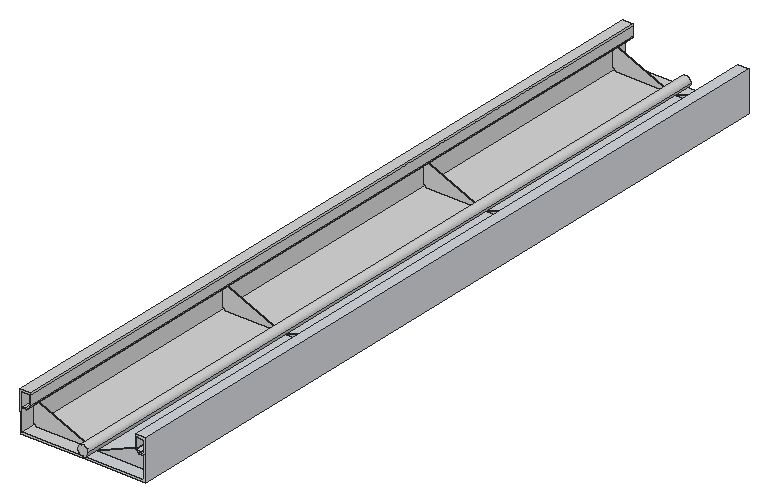
Revit family "ML_ML HINGED INSIDE CORNER 6'_1920146", category Generic Models, Revit 2018
Family settings
  Can host rebar = No
  Round Connector Dimension = Use Diameter
  Part Type = Normal
  OmniClass Number = 35.51.14.00
  OmniClass Title = FORMWORK
  Work Plane-Based = Yes
  Always vertical = No
  Cut with Voids When Loaded = No
  Shared = Yes
  Room Calculation Point = No
Parameters
  VERSION = "20190101"  # constant formula
  URL = "www.ulmaconstruction.com/en"
  UNICLASS = ""
  REAL ANGLE [instance] = if(ANGLE > 66.00°, ANGLE, 66.00°)  # 180.00°
  ITEM_CODE = "1920146"
  Manufacturer = "ULMA CONSTRUCTION"  # constant formula
  INSERTION PLANE [instance] = if(REAL ANGLE = 180.00°, 0.000 mm, (16.500 mm * sin(90.00° - REAL ANGLE) + 16.500 mm) * tan(90.00° - REAL ANGLE) + 16.500 mm * cos(90.00° - REAL ANGLE))  # 0.000 mm
  FILTER [instance] = ""
  Default Elevation = 0.000 mm
  CLASSIFICATION_TITLE = ""
  CLASSIFICATION_NUMBER = ""
  ANGLE [instance] = 180.00°
Reference planes
  plane 1 "Centro (Frontal/Posterior)": y = 0
  plane 2: z = 0
  plane 3 "Centro (Izquierda/Derecha)": x = 0
  plane 4 "ITEM_HEIGHT": y = 1828.8
  plane 5 "CENTER": z = 16.5
  plane 6 "INSERTION PLANE": x = 0
Forms (mm)
  Extrusion 1, solid, material "ULMA ZINC", detail levels fine
    sketch origin (0, 0, 0) x (1, 0, 0) y (0, 0, 1)
      loop
        circle (0, 16.5) r 12.5
    from -1828.8 to 0
  Extrusion 2, solid, material "ULMA ZINC", detail levels fine
    sketch origin (0, 0, 0) x (1, 0, 0) y (0, 0, 1)
      loop
        line (0, 4) -> (-148.4, 4) -> (-148.4, 92.5) -> (-127.4, 92.5) -> (-127.4, 96.5) -> (-152.4, 96.5) -> (-152.4, 0) -> (0, 0) -> (0, 4)
    from -1828.8 to 0
  Extrusion 3, solid, material "ULMA ZINC", detail levels fine
    sketch origin (0, 0, 0) x (1, 0, 0) y (0, 0, 1)
      loop
        arc (-129.9, 68.571) -> (-130.09, 67.614) -> (-130.632, 66.803) r 2.5
        line (-130.632, 66.803) -> (-136.703, 60.732)
        arc (-136.703, 60.732) -> (-137.514, 60.19) -> (-138.471, 60) r 2.5
        line (-138.471, 60) -> (-148.4, 60) -> (-148.4, 57.5) -> (-138.471, 57.5)
        arc (-138.471, 57.5) -> (-136.558, 57.881) -> (-134.936, 58.964) r 5
        line (-134.936, 58.964) -> (-128.864, 65.036)
        arc (-128.864, 65.036) -> (-127.781, 66.658) -> (-127.4, 68.571) r 5
        line (-127.4, 68.571) -> (-127.4, 92.5) -> (-129.9, 92.5) -> (-129.9, 68.571)
    from -1828.8 to 0
  Extrusion 4, solid, material "ULMA ZINC", detail levels fine
    sketch origin (0, 0, 0) x (1, 0, 0) y (0, 0, 1)
      loop
        line (-148.4, 14) -> (-138.4, 4) -> (-8.4, 4) -> (-134.9, 57.5) -> (-148.4, 57.5) -> (-148.4, 14)
    from -33 to -37
  Extrusion 5, solid, material "ULMA ZINC", detail levels fine
    sketch origin (0, 0, 0) x (1, 0, 0) y (0, 0, 1)
      loop
        line (-148.4, 14) -> (-138.4, 4) -> (-8.4, 4) -> (-134.9, 57.5) -> (-148.4, 57.5) -> (-148.4, 14)
    from -607.6 to -611.6
  Extrusion 6, solid, material "ULMA ZINC", detail levels fine
    sketch origin (0, 0, 0) x (1, 0, 0) y (0, 0, 1)
      loop
        line (-148.4, 14) -> (-138.4, 4) -> (-8.4, 4) -> (-134.9, 57.5) -> (-148.4, 57.5) -> (-148.4, 14)
    from -1217.2 to -1221.2
  Extrusion 7, solid, material "ULMA ZINC", detail levels fine
    sketch origin (0, 0, 0) x (1, 0, 0) y (0, 0, 1)
      loop
        line (-148.4, 14) -> (-138.4, 4) -> (-8.4, 4) -> (-134.9, 57.5) -> (-148.4, 57.5) -> (-148.4, 14)
    from -1791.8 to -1795.8
Lines and regions (mm)
  model lines, style "ULMA PANELS", detail levels medium
    curve 1: line (0, 1828.8, 0) -> (-152.4, 1828.8, 0)
    curve 2: line (-152.4, 1828.8, 0) -> (-152.4, 0, 0)
    curve 3: line (-152.4, 0, 0) -> (0, 0, 0)
    curve 4: line (0, 0, 0) -> (0, 1828.8, 0)
    curve 5: line (-152.4, 0, 0) -> (-152.4, 0, 96.5)
    curve 6: line (-152.4, 0, 96.5) -> (-152.4, 1828.8, 96.5)
    curve 7: line (-152.4, 1828.8, 96.5) -> (-152.4, 1828.8, 0)
  model lines, style "ULMA PANELS", detail levels fine
    curve 8: circle (-152.4, 152.4, 38.1) r 10 normal (1, 0, 0)
    curve 9: circle (-148.4, 152.4, 38.1) r 10 normal (1, 0, 0)
    curve 10: circle (-152.4, 457.2, 38.1) r 10 normal (1, 0, 0)
    curve 11: circle (-152.4, 762, 38.1) r 10 normal (1, 0, 0)
    curve 12: circle (-152.4, 1066.8, 38.1) r 10 normal (1, 0, 0)
    curve 13: circle (-148.4, 457.2, 38.1) r 10 normal (1, 0, 0)
    curve 14: circle (-148.4, 762, 38.1) r 10 normal (1, 0, 0)
    curve 15: circle (-148.4, 1066.8, 38.1) r 10 normal (1, 0, 0)
    curve 17: circle (-152.4, 1371.6, 38.1) r 10 normal (1, 0, 0)
    curve 18: circle (-152.4, 1676.4, 38.1) r 10 normal (1, 0, 0)
    curve 19: circle (-148.4, 1371.6, 38.1) r 10 normal (1, 0, 0)
    curve 20: circle (-148.4, 1676.4, 38.1) r 10 normal (1, 0, 0)
  reference lines
    curve 16: line (0, 0, 16.5) -> (311.15, 0, 16.5)
Dimensions and locks
  locked: plane 1 "Centro (Frontal/Posterior)" to plane 4 "ITEM_HEIGHT" at 1828.8
  locked: curve 8 to plane 1 "Centro (Frontal/Posterior)" at 152.4
  locked: curve 9 to plane 1 "Centro (Frontal/Posterior)" at 152.4
  "INSERTION PLANE": plane 6 "INSERTION PLANE" to plane 3 "Centro (Izquierda/Derecha)"
  "REAL ANGLE": angle curve 16 to plane 5 "CENTER"
  aligned and locked: level to plane 2
  aligned and locked: plane 4 "ITEM_HEIGHT" to Extrusion 1
  aligned and locked: plane 1 "Centro (Frontal/Posterior)" to Extrusion 1
  aligned and locked: plane 3 "Centro (Izquierda/Derecha)" to curve 16
  aligned and locked: plane 5 "CENTER" to curve 16
  aligned and locked: plane 4 "ITEM_HEIGHT" to Extrusion 2
  aligned and locked: plane 4 "ITEM_HEIGHT" to Extrusion 3
  aligned and locked: plane 4 "ITEM_HEIGHT" to nested 1
Automatic sketch dimensions
  curve 1 to plane 4 "ITEM_HEIGHT" = 0.000 mm
  plane 1 "Centro (Frontal/Posterior)" to curve 2 = 0.000 mm
  curve 3 to plane 3 "Centro (Izquierda/Derecha)" = 0.000 mm
  curve 3 to curve 3 = 152.400 mm
  Extrusion 1 sketch curve to plane 3 "Centro (Izquierda/Derecha)" = 0.000 mm
  Extrusion 1 sketch curve to plane 5 "CENTER" = 0.000 mm
  Extrusion 2 sketch curve to level = 0.000 mm
  Extrusion 2 sketch curve to plane 3 "Centro (Izquierda/Derecha)" = 0.000 mm
  plane 3 "Centro (Izquierda/Derecha)" to Extrusion 2 sketch curve = 127.400 mm
  Extrusion 2 sketch curve to level = 4.000 mm
  Extrusion 2 sketch curve to Extrusion 2 sketch curve = 21.000 mm
  Extrusion 2 sketch curve to Extrusion 2 sketch curve = 4.000 mm  (x2)
  Extrusion 2 sketch curve to Extrusion 2 sketch curve = 88.500 mm
  Extrusion 3 sketch curve to Extrusion 3 sketch curve = 0.000 mm  (x4)
  Extrusion 3 sketch curve to level = 60.000 mm
  plane 3 "Centro (Izquierda/Derecha)" to Extrusion 3 sketch curve = 148.400 mm
  Extrusion 3 sketch curve to Extrusion 3 sketch curve = 9.929 mm
  Extrusion 3 sketch curve to level = 60.732 mm
  Extrusion 3 sketch curve to Extrusion 3 sketch curve = 1.768 mm  (x4)
  Extrusion 3 sketch curve to level = 58.964 mm
  Extrusion 3 sketch curve to Extrusion 3 sketch curve = 6.071 mm
  Extrusion 3 sketch curve to level = 66.803 mm
  Extrusion 3 sketch curve to Extrusion 3 sketch curve = 2.500 mm  (x2)
  Extrusion 3 sketch curve to Extrusion 3 sketch curve = 23.929 mm
  Extrusion 4 sketch curve to level = 14.000 mm
  plane 3 "Centro (Izquierda/Derecha)" to Extrusion 4 sketch curve = 148.400 mm
  Extrusion 4 sketch curve to level = 4.000 mm
  Extrusion 4 sketch curve to Extrusion 4 sketch curve = 10.000 mm
  Extrusion 4 sketch curve to Extrusion 4 sketch curve = 13.500 mm
  plane 3 "Centro (Izquierda/Derecha)" to Extrusion 4 sketch curve = 8.400 mm
  Extrusion 4 sketch curve to Extrusion 4 sketch curve = 43.500 mm
  Extrusion 5 sketch curve to level = 14.000 mm
  plane 3 "Centro (Izquierda/Derecha)" to Extrusion 5 sketch curve = 148.400 mm
  Extrusion 5 sketch curve to level = 4.000 mm
  Extrusion 5 sketch curve to Extrusion 5 sketch curve = 10.000 mm
  Extrusion 5 sketch curve to Extrusion 5 sketch curve = 13.500 mm
  plane 3 "Centro (Izquierda/Derecha)" to Extrusion 5 sketch curve = 8.400 mm
  Extrusion 5 sketch curve to Extrusion 5 sketch curve = 43.500 mm
  Extrusion 6 sketch curve to level = 14.000 mm
  plane 3 "Centro (Izquierda/Derecha)" to Extrusion 6 sketch curve = 148.400 mm
  Extrusion 6 sketch curve to level = 4.000 mm
  Extrusion 6 sketch curve to Extrusion 6 sketch curve = 10.000 mm
  Extrusion 6 sketch curve to Extrusion 6 sketch curve = 13.500 mm
  plane 3 "Centro (Izquierda/Derecha)" to Extrusion 6 sketch curve = 8.400 mm
  Extrusion 6 sketch curve to Extrusion 6 sketch curve = 43.500 mm
  Extrusion 7 sketch curve to level = 14.000 mm
  plane 3 "Centro (Izquierda/Derecha)" to Extrusion 7 sketch curve = 148.400 mm
  Extrusion 7 sketch curve to level = 4.000 mm
  Extrusion 7 sketch curve to Extrusion 7 sketch curve = 10.000 mm
  Extrusion 7 sketch curve to Extrusion 7 sketch curve = 13.500 mm
  plane 3 "Centro (Izquierda/Derecha)" to Extrusion 7 sketch curve = 8.400 mm
  Extrusion 7 sketch curve to Extrusion 7 sketch curve = 43.500 mm
  curve 7 to level = 0.000 mm
  curve 5 to level = 0.000 mm
  curve 6 to plane 4 "ITEM_HEIGHT" = 0.000 mm
  curve 6 to plane 1 "Centro (Frontal/Posterior)" = 0.000 mm
  plane 5 "CENTER" to curve 6 = 80.000 mm
  plane 5 "CENTER" to curve 9 = 21.600 mm
  plane 5 "CENTER" to curve 13 = 21.600 mm
  curve 9 to curve 13 = 304.800 mm
  plane 5 "CENTER" to curve 14 = 21.600 mm
  curve 13 to curve 14 = 304.800 mm
  plane 5 "CENTER" to curve 15 = 21.600 mm
  curve 14 to curve 15 = 304.800 mm
  plane 5 "CENTER" to curve 19 = 21.600 mm
  curve 15 to curve 19 = 304.800 mm
  plane 5 "CENTER" to curve 20 = 21.600 mm
  curve 20 to plane 4 "ITEM_HEIGHT" = 152.400 mm
  plane 5 "CENTER" to curve 8 = 21.600 mm
  plane 5 "CENTER" to curve 10 = 21.600 mm
  curve 8 to curve 10 = 304.800 mm
  plane 5 "CENTER" to curve 11 = 21.600 mm
  curve 10 to curve 11 = 304.800 mm
  plane 5 "CENTER" to curve 12 = 21.600 mm
  curve 11 to curve 12 = 304.800 mm
  plane 5 "CENTER" to curve 17 = 21.600 mm
  curve 12 to curve 17 = 304.800 mm
  plane 5 "CENTER" to curve 18 = 21.600 mm
  curve 18 to plane 4 "ITEM_HEIGHT" = 152.400 mm
  radius of Extrusion 1 sketch curve = 12.500 mm
  radius of curve 9 = 10.000 mm
  radius of curve 13 = 10.000 mm
  radius of curve 14 = 10.000 mm
  radius of curve 15 = 10.000 mm
  radius of curve 19 = 10.000 mm
  radius of curve 20 = 10.000 mm
  radius of curve 8 = 10.000 mm
  radius of curve 10 = 10.000 mm
  radius of curve 11 = 10.000 mm
  radius of curve 12 = 10.000 mm
  radius of curve 17 = 10.000 mm
  radius of curve 18 = 10.000 mm
Nested families
  nested 1: "LATERAL - 1920159_PANELS" at (0, 0, 0) x (-1, 0, 0) z (0, 0, -1), type "LATERAL - 1920159_PANELS"
    with FILTER ""
Definition of nested family "LATERAL - 1920159_PANELS"
  Parameters (values of type "LATERAL - 1920159_PANELS")
    VERSION = "20190101"  # constant formula
    URL = "www.ulmaconstruction.com/en"
    UNICLASS = ""
    Manufacturer = "ULMA CONSTRUCTION"  # constant formula
    FILTER [instance] = ""
    Default Elevation = 0.000 mm
    CLASSIFICATION_TITLE = ""
    CLASSIFICATION_NUMBER = ""
  Reference planes
    plane 1 "Centro (Frontal/Posterior)": y = 0
    plane 2: z = 0
    plane 3 "Centro (Izquierda/Derecha)": x = 0
    plane 4 "ITEM_HEIGHT": y = 1828.8
  Forms (mm)
    Extrusion 1, solid, detail levels fine
      sketch origin (0, 0, 0) x (1, 0, 0) y (0, 0, 1)
        loop
          line (0, -4) -> (0, 0) -> (-152.4, 0) -> (-152.4, -96.5) -> (-127.4, -96.5) -> (-127.4, -92.5) -> (-148.4, -92.5) -> (-148.4, -4) -> (0, -4)
      from -1828.8 to 0
    Extrusion 2, solid, detail levels fine
      sketch origin (0, 0, 0) x (1, 0, 0) y (0, 0, 1)
        loop
          line (-129.9, -68.571) -> (-129.9, -92.5) -> (-127.4, -92.5) -> (-127.4, -68.571)
          arc (-127.4, -68.571) -> (-127.781, -66.658) -> (-128.864, -65.036) r 5
          line (-128.864, -65.036) -> (-134.936, -58.964)
          arc (-134.936, -58.964) -> (-136.558, -57.881) -> (-138.471, -57.5) r 5
          line (-138.471, -57.5) -> (-148.4, -57.5) -> (-148.4, -60) -> (-138.471, -60)
          arc (-138.471, -60) -> (-137.514, -60.19) -> (-136.703, -60.732) r 2.5
          line (-136.703, -60.732) -> (-130.632, -66.803)
          arc (-130.632, -66.803) -> (-130.09, -67.614) -> (-129.9, -68.571) r 2.5
      from -1828.8 to 0
    Extrusion 3, solid, detail levels fine
      sketch origin (0, 0, 0) x (1, 0, 0) y (0, 0, 1)
        loop
          line (-148.4, -14) -> (-148.4, -57.5) -> (-134.9, -57.5) -> (-8.4, -4) -> (-138.4, -4) -> (-148.4, -14)
      from -33 to -37
    Extrusion 4, solid, detail levels fine
      sketch origin (0, 0, 0) x (1, 0, 0) y (0, 0, 1)
        loop
          line (-148.4, -14) -> (-148.4, -57.5) -> (-134.9, -57.5) -> (-8.4, -4) -> (-138.4, -4) -> (-148.4, -14)
      from -607.6 to -611.6
    Extrusion 5, solid, detail levels fine
      sketch origin (0, 0, 0) x (1, 0, 0) y (0, 0, 1)
        loop
          line (-148.4, -14) -> (-148.4, -57.5) -> (-134.9, -57.5) -> (-8.4, -4) -> (-138.4, -4) -> (-148.4, -14)
      from -1791.8 to -1795.8
    Extrusion 6, solid, detail levels fine
      sketch origin (0, 0, 0) x (1, 0, 0) y (0, 0, 1)
        loop
          line (-148.4, -14) -> (-148.4, -57.5) -> (-134.9, -57.5) -> (-8.4, -4) -> (-138.4, -4) -> (-148.4, -14)
      from -1217.2 to -1221.2
  Cuts and joins
    joined: Extrusion 1, Extrusion 2
  Lines and regions (mm)
    model lines, detail levels medium
      curve 1: line (0, 1828.8, 0) -> (-152.4, 1828.8, 0)
      curve 2: line (-152.4, 1828.8, 0) -> (-152.4, 0, 0)
      curve 3: line (-152.4, 0, 0) -> (0, 0, 0)
      curve 4: line (0, 0, 0) -> (0, 1828.8, 0)
      curve 5: line (-152.4, 0, 0) -> (-152.4, 0, -96.5)
      curve 6: line (-152.4, 0, -96.5) -> (-152.4, 1828.8, -96.5)
      curve 7: line (-152.4, 1828.8, -96.5) -> (-152.4, 1828.8, 0)
    model lines, detail levels fine
      curve 8: circle (-152.4, 152.4, -38.1) r 10 normal (1, 0, 0)
      curve 9: circle (-148.4, 152.4, -38.1) r 10 normal (1, 0, 0)
      curve 10: circle (-152.4, 457.2, -38.1) r 10 normal (1, 0, 0)
      curve 11: circle (-152.4, 762, -38.1) r 10 normal (1, 0, 0)
      curve 12: circle (-152.4, 1066.8, -38.1) r 10 normal (1, 0, 0)
      curve 13: circle (-152.4, 1371.6, -38.1) r 10 normal (1, 0, 0)
      curve 14: circle (-152.4, 1676.4, -38.1) r 10 normal (1, 0, 0)
      curve 15: circle (-148.4, 457.2, -38.1) r 10 normal (1, 0, 0)
      curve 16: circle (-148.4, 762, -38.1) r 10 normal (1, 0, 0)
      curve 17: circle (-148.4, 1066.8, -38.1) r 10 normal (1, 0, 0)
      curve 18: circle (-148.4, 1371.6, -38.1) r 10 normal (1, 0, 0)
      curve 19: circle (-148.4, 1676.4, -38.1) r 10 normal (1, 0, 0)
  Dimensions and locks
    locked: plane 1 "Centro (Frontal/Posterior)" to plane 4 "ITEM_HEIGHT" at 1828.8
    locked: curve 8 to plane 1 "Centro (Frontal/Posterior)" at 152.4
    locked: curve 9 to plane 1 "Centro (Frontal/Posterior)" at 152.4
    aligned and locked: level to plane 2
    aligned and locked: plane 1 "Centro (Frontal/Posterior)" to Extrusion 1
    aligned and locked: plane 1 "Centro (Frontal/Posterior)" to Extrusion 2
    aligned and locked: plane 4 "ITEM_HEIGHT" to Extrusion 1
    aligned and locked: plane 4 "ITEM_HEIGHT" to Extrusion 2
